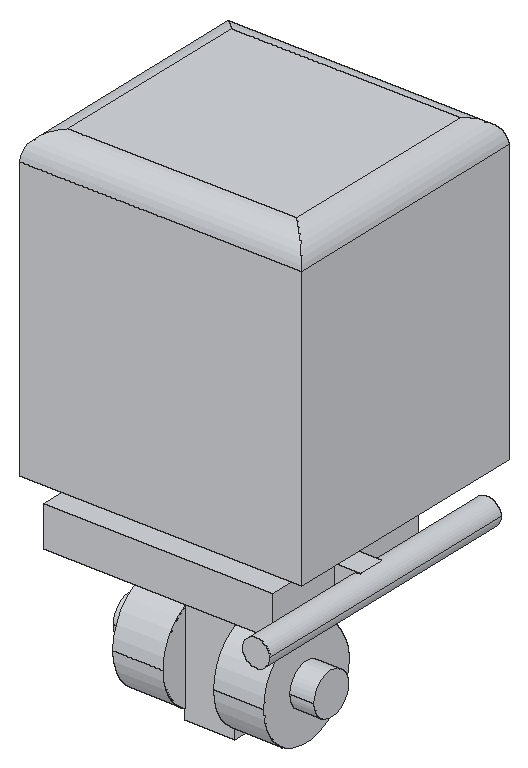
Revit family "cb0e2f74d92447659734e647b1649e23", category Pipe Accessories, Revit 2021
Family settings
  Round Connector Dimension = Use Radius
  Part Type = Valve - Breaks Into
  OmniClass Number = 23.65.55.14.17
  OmniClass Title = Adjusting/Controlling Valves for Liquid Services
  Seek Item ID = Motor Control Valve - 0.5-2 Inch-0000-USA-ENU
  Work Plane-Based = No
  Always vertical = Yes
  Cut with Voids When Loaded = No
  Shared = No
Parameters (values of type "1/2"")
  Valve Material = none
  Valve Length = 0' - 3 189/256"
  Valve Height = 0' - 9 19/256"
  Text Width = 0' - 1"
  Text Height = 0' - 1"
  Outside Radius = Outside Diameter * 0.5  # 0' - 0.39258"
  Outside Diameter = 201/256"
  Nominal Radius = 1/4"
  Nominal Diameter = Nominal Radius * 2  # 1/2"
  Length 1 = 0.25 * Valve Length  # 0' - 0.93457"
  K Coefficient = 0.33
  Height 3 = Height 1 / 3  # 0' - 0.83333"
  Height 2 = 0.3 * Height 1  # 0' - 0 3/4"
  Height 1 = 0' - 2 1/2"
  Default Elevation = 0' - 0"
  Cement Radius = Cement Diameter * 0.5  # 0' - 0 63/64"
  Cement Diameter = 0' - 1 31/32"
  Body Width = 0' - 0 63/64"
  Axis Height = 0' - 1 11/256"
  Actuator Material = none
Types (7): name | Valve Length | Valve Height | Outside Radius | Outside Diameter | Nominal Radius | Nominal Diameter | Length 1 | K Coefficient | Height 3 | Height 2 | Height 1 | Cement Radius | Cement Diameter | Body Width | Axis Height
  (no name) | 0' - 3 189/256" | 0' - 9 19/256" | 0' - 0.39258" | 201/256" | 1/4" | 1/2" | 0' - 0.93457" | 0.33 | 0' - 0.83333" | 0' - 0 3/4" | 0' - 2 1/2" | 0' - 0 63/64" | 0' - 1 31/32" | 0' - 0 63/64" | 0' - 1 11/256"
  1/2" | 0' - 3 189/256" | 0' - 9 19/256" | 0' - 0.39258" | 201/256" | 1/4" | 1/2" | 0' - 0.93457" | 0.33 | 0' - 0.83333" | 0' - 0 3/4" | 0' - 2 1/2" | 0' - 0 63/64" | 0' - 1 31/32" | 0' - 0 63/64" | 0' - 1 11/256"
  3/4" | 0' - 4 85/256" | 0' - 9 55/128" | 0' - 0 63/128" | 63/64" | 3/8" | 3/4" | 0' - 1.08301" | 0.47 | 0' - 0.95182" | 0' - 0.85664" | 0' - 2 219/256" | 0' - 1 9/64" | 0' - 2 9/32" | 0' - 0 63/64" | 0' - 1 23/128"
  1" | 0' - 4 217/256" | 0' - 9 55/128" | 0' - 0.63086" | 1 67/256" | 1/2" | 1" | 0' - 1.21191" | 0.37 | 0' - 0.95182" | 0' - 0.85664" | 0' - 2 219/256" | 0' - 1.33789" | 0' - 2 173/256" | 0' - 0 63/64" | 0' - 1 51/128"
  1 1/4" | 0' - 5 191/256" | 0' - 9 111/128" | 0' - 0.78711" | 1 147/256" | 5/8" | 1 1/4" | 0' - 1.43652" | 0.44 | 0' - 1.09635" | 0' - 0.98672" | 0' - 3 37/128" | 0' - 1.6543" | 0' - 3 79/256" | 0' - 1 99/128" | 0' - 1 187/256"
  1 1/2" | 0' - 6 23/128" | 0' - 9 111/128" | 0' - 0 63/64" | 1 31/32" | 3/4" | 1 1/2" | 0' - 1.54492" | 0.36 | 0' - 1.09635" | 0' - 0.98672" | 0' - 3 37/128" | 0' - 1 233/256" | 0' - 3 105/128" | 0' - 1 99/128" | 0' - 1 253/256"
  2" | 0' - 7 13/64" | 0' - 10 191/256" | 0' - 1.24023" | 2 123/256" | 1" | 2" | 0' - 1 205/256" | 0.3 | 0' - 1.39714" | 0' - 1.25742" | 0' - 4 49/256" | 0' - 2 113/256" | 0' - 4 113/128" | 0' - 1 99/128" | 0' - 2 133/256"
Reference planes (in)
  plane 1 "Center (Front/Back)": y = 0
  plane 2: z = 0
  plane 3 "Center (Left/Right)": x = 0
  plane 4: x = -0.46729
  plane 5: x = 0.46729
  plane 6: x = -1.40186
  plane 7: x = 1.40186
  plane 8: x = -1.86914
  plane 9: x = 1.86914
  plane 10: z = -1.04297
  plane 11: z = 2.5
  plane 12: y = 0.49219
  plane 13: y = -0.49219
  plane 14: z = 1.75
  plane 15: x = -2.125
  plane 16: x = 2.125
  plane 17: y = -1.6875
  plane 18: y = 1.6875
  plane 19: z = 3.33333
  plane 20: z = 9.07422
  plane 21: x = -2
  plane 22: x = 3.25
  plane 23: y = 2.40625
  plane 24: y = -2.40625
  plane 25: x = 2.625
  plane 26: z = 2.125
  plane 27: y = 2.6875
  plane 28: y = -2.6875
Forms (in)
  Sweep 1, solid, material <- "Valve Material", detail levels fine
    path origin (0, 0, 0) x (1, 0, 0) y (0, 1, 0)
      loop
        line (-1.86914, 0) -> (-1.40186, 0)
    profile origin (-1.6355, 0, 0) x (0, 1, 0) y (0, 0, 1)
      loop
        circle (0, 0) r 0.39258
  Sweep 2, solid, material <- "Valve Material", detail levels fine
    path origin (0, 0, 0) x (1, 0, 0) y (0, 1, 0)
      loop
        line (-1.40186, 0) -> (-0.46729, 0)
    profile origin (-0.93457, 0, 0) x (0, 1, 0) y (0, 0, 1)
      loop
        circle (0, 0) r 0.98438
  Sweep 3, solid, material <- "Valve Material", detail levels fine
    path origin (0, 0, 0) x (1, 0, 0) y (0, 1, 0)
      loop
        line (-0.46729, 0) -> (0.46729, 0)
    profile origin (0, 0, 0) x (0, 1, 0) y (0, 0, 1)
      loop
        circle (0, 0) r 0.39258
  Sweep 4, solid, material <- "Valve Material", detail levels fine
    path origin (0, 0, 0) x (1, 0, 0) y (0, 1, 0)
      loop
        line (0.46729, 0) -> (1.40186, 0)
    profile origin (0.93457, 0, 0) x (0, 1, 0) y (0, 0, 1)
      loop
        circle (0, 0) r 0.98438
  Sweep 5, solid, material <- "Valve Material", detail levels fine
    path origin (0, 0, 0) x (1, 0, 0) y (0, 1, 0)
      loop
        line (1.40186, 0) -> (1.86914, 0)
    profile origin (1.6355, 0, 0) x (0, 1, 0) y (0, 0, 1)
      loop
        circle (0, 0) r 0.39258
  Extrusion 6, solid, material <- "Valve Material", detail levels fine
    sketch origin (0, 0, 0) x (1, 0, 0) y (0, 1, 0)
      loop
        line (-0.46729, 0.49219) -> (-0.46729, -0.49219) -> (0.46729, -0.49219) -> (0.46729, 0.49219) -> (-0.46729, 0.49219)
    from -1.04297 to 2.5
  Extrusion 7, solid, material <- "Valve Material", detail levels fine
    sketch origin (0, 0, 0) x (1, 0, 0) y (0, 0, 1)
      loop
        line (-2.125, 2.5) -> (-2.125, 1.75) -> (2.125, 1.75) -> (2.125, 2.5) -> (-2.125, 2.5)
    from -1.6875 to 1.6875
  Sweep 8, solid, material <- "Actuator Material", detail levels fine
    path origin (0, 0, 0) x (1, 0, 0) y (0, 1, 0)
      loop
        line (-2, 2.40625) -> (-2, -2.40625) -> (3.25, -2.40625) -> (3.25, 2.40625) -> (-2, 2.40625)
    profile origin (0.625, 2.40625, 0) x (0, 1, 0) y (0, 0, 1)
      loop
        line (-1.51953, 3.33333) -> (0, 3.33333) -> (0, 8.57422)
        arc (0, 8.57422) -> (-0.14645, 8.92777) -> (-0.5, 9.07422) r 0.5
        line (-0.5, 9.07422) -> (-1.51953, 9.07422) -> (-1.51953, 3.33333)
  Extrusion 9, solid, material <- "Actuator Material", detail levels fine
    sketch origin (0, 0, 0) x (1, 0, 0) y (0, 1, 0)
      loop
        line (-0.48047, 0.88672) -> (-0.48047, -0.88672) -> (1.73047, -0.88672) -> (1.73047, 0.88672) -> (-0.48047, 0.88672)
    from 3.33333 to 9.07422
  Blend 10, solid, material <- "Actuator Material", detail levels fine
    base sketch origin (0, 0, 0) x (1, 0, 0) y (0, 1, 0)
      loop
        line (-0.46729, 0.49219) -> (-0.46729, -0.49219) -> (0.46729, -0.49219) -> (0.46729, 0.49219) -> (-0.46729, 0.49219)
    top sketch origin (0, 0, 0) x (1, 0, 0) y (0, 1, 0)
      loop
        line (-2, 2.40625) -> (-2, -2.40625) -> (3.25, -2.40625) -> (3.25, 2.40625) -> (-2, 2.40625)
    from 2.5 to 3.33333
  Extrusion 11, solid, material <- "Valve Material", detail levels fine
    sketch origin (0, 0, 0) x (1, 0, 0) y (0, 1, 0)
      loop
        line (2.125, 0.25) -> (2.125, -0.25) -> (2.625, -0.25) -> (2.625, 0.25) -> (2.125, 0.25)
    from 1.875 to 2.375
  Sweep 12, solid, material <- "Valve Material", detail levels fine
    path origin (0, 0, 0) x (1, 0, 0) y (0, 1, 0)
      loop
        line (2.625, 2.6875) -> (2.625, -2.6875)
    profile origin (2.625, 0, 0) x (1, 0, 0) y (0, 0, 1)
      loop
        circle (0, 2.125) r 0.25
Cuts and joins
  joined: Sweep 1, Sweep 2, Sweep 4, Sweep 5, Extrusion 6, Extrusion 7, Extrusion 11, Sweep 12
  joined: Sweep 8, Extrusion 9, Blend 10
Lines and regions (in)
  model lines, detail levels coarse+medium
    curve 1: line (-1.86914, 1.07915, 0) -> (-1.86914, -1.07915, 0)
    curve 2: line (1.86914, 1.07915, 0) -> (1.86914, -1.07915, 0)
    curve 3: line (0, 0, 0) -> (0, 2.34535, 0)
    curve 4: circle (0, 3.34535, 0) r 1 normal (0, 0, 1)
    curve 5: line (0, 0, 0) -> (-1.86914, 1.07915, 0)
    curve 6: line (0, 0, 0) -> (-1.86914, -1.07915, 0)
    curve 7: line (0, 0, 0) -> (1.86914, 1.07915, 0)
    curve 8: line (0, 0, 0) -> (1.86914, -1.07915, 0)
Dimensions and locks (in)
  equal spacing: plane 4, plane 3 "Center (Left/Right)", plane 5
  equal spacing: plane 8, plane 3 "Center (Left/Right)", plane 9
  "Length 1": plane 4 to plane 5
  "Length 1": plane 6 to plane 4
  "Length 1": plane 5 to plane 7
  "Valve Length": plane 8 to plane 9
  "Axis Height": plane 2 to plane 10
  "Height 1": plane 11 to plane 2
  equal spacing: plane 12, plane 1 "Center (Front/Back)", plane 13
  "Body Width": plane 12 to plane 13
  "Height 2": plane 11 to plane 14
  equal spacing: plane 16, plane 3 "Center (Left/Right)", plane 15
  locked: plane 16 to plane 15 at 4.25
  equal spacing: plane 17, plane 1 "Center (Front/Back)", plane 18
  locked: plane 17 to plane 18 at 3.375
  "Height 3": plane 19 to plane 11
  "Valve Height": plane 20 to plane 2
  locked: plane 3 "Center (Left/Right)" to plane 21 at 2
  locked: plane 22 to plane 3 "Center (Left/Right)" at 3.25
  locked: plane 23 to plane 1 "Center (Front/Back)" at 2.40625
  locked: plane 24 to plane 1 "Center (Front/Back)" at 2.40625
  locked: plane 16 to plane 25 at 0.5
  locked: plane 1 "Center (Front/Back)" to Extrusion 11 sketch curve at 0.25  (x2)
  equal spacing: plane 11, plane 26, plane 14
  locked: plane 26 to Extrusion 11 at 0.25
  locked: Extrusion 11 to plane 26 at 0.25
  equal spacing: plane 27, plane 1 "Center (Front/Back)", plane 28
  locked: plane 27 to plane 1 "Center (Front/Back)" at 2.6875
  locked: connector elem to plane 22 at 2.625
  locked: connector elem to plane 23 at 2.40625
  "Outside Radius": radius of Sweep 1 sketch curve
  "Cement Radius": radius of Sweep 2 sketch curve
  "Outside Radius": radius of Sweep 3 sketch curve
  "Cement Radius": radius of Sweep 4 sketch curve
  "Outside Radius": radius of Sweep 5 sketch curve
  locked: curve 5 to plane 1 "Center (Front/Back)" (angle 30.00°)
  locked: plane 1 "Center (Front/Back)" to curve 6 (angle 30.00°)
  angle curve 8 to plane 1 "Center (Front/Back)" to curve 7 = 30.00° locked, 30.00°
  aligned and locked: plane 8 to Sweep 1 sketch curve
  aligned and locked: plane 6 to Sweep 1 sketch curve
  aligned and locked: plane 1 "Center (Front/Back)" to Sweep 1 sketch curve  (x2)
  aligned and locked: level to Sweep 1 sketch curve
  aligned and locked: plane 4 to Sweep 2 sketch curve
  aligned and locked: plane 6 to Sweep 2 sketch curve
  aligned and locked: plane 1 "Center (Front/Back)" to Sweep 2 sketch curve  (x2)
  aligned and locked: plane 2 to Sweep 2 sketch curve
  aligned and locked: plane 4 to Sweep 3 sketch curve
  aligned and locked: plane 5 to Sweep 3 sketch curve
  aligned and locked: plane 1 "Center (Front/Back)" to Sweep 3 sketch curve  (x2)
  aligned and locked: plane 2 to Sweep 3 sketch curve
  aligned and locked: plane 5 to Sweep 4 sketch curve
  aligned and locked: plane 7 to Sweep 4 sketch curve
  aligned and locked: plane 1 "Center (Front/Back)" to Sweep 4 sketch curve  (x2)
  aligned and locked: level to Sweep 4 sketch curve
  aligned and locked: plane 7 to Sweep 5 sketch curve
  aligned and locked: plane 9 to Sweep 5 sketch curve
  aligned and locked: plane 1 "Center (Front/Back)" to Sweep 5 sketch curve
  aligned and locked: plane 2 to Sweep 5 sketch curve
  aligned and locked: plane 4 to Extrusion 6 sketch curve
  aligned and locked: Extrusion 6 sketch curve to plane 12
  aligned and locked: plane 13 to Extrusion 6 sketch curve
  aligned and locked: Extrusion 6 sketch curve to plane 5
  aligned and locked: Extrusion 6 to plane 10
  aligned and locked: plane 11 to Extrusion 6
  aligned and locked: plane 15 to Extrusion 7 sketch curve
  aligned and locked: Extrusion 7 sketch curve to plane 11
  aligned and locked: plane 14 to Extrusion 7 sketch curve
  aligned and locked: Extrusion 7 sketch curve to plane 16
  aligned and locked: plane 18 to Extrusion 7
  aligned and locked: Extrusion 7 to plane 17
  aligned and locked: Sweep 8 sketch curve to plane 22
  aligned and locked: Sweep 8 sketch curve to plane 23
  aligned and locked: plane 21 to Sweep 8 sketch curve
  aligned and locked: plane 24 to Sweep 8 sketch curve
  aligned and locked: plane 23 to Sweep 8 sketch curve
  aligned and locked: plane 20 to Sweep 8 sketch curve
  aligned and locked: plane 19 to Sweep 8 sketch curve
  aligned and locked: Extrusion 9 sketch curve to Sweep 8  (x3)
  aligned and locked: Sweep 8 to Extrusion 9 sketch curve
  aligned and locked: plane 20 to Extrusion 9
  aligned and locked: Extrusion 9 to plane 19
  aligned and locked: Blend 10 sketch curve to Extrusion 6  (x3)
  aligned and locked: Extrusion 6 to Blend 10 sketch curve
  aligned and locked: Blend 10 to plane 11
  aligned and locked: plane 19 to Blend 10
  aligned and locked: plane 16 to Extrusion 11 sketch curve
  aligned and locked: Extrusion 11 sketch curve to plane 25
  aligned and locked: Sweep 12 sketch curve to plane 25
  aligned and locked: plane 27 to Sweep 12 sketch curve
  aligned and locked: plane 28 to Sweep 12 sketch curve
  aligned and locked: plane 25 to Sweep 12 sketch curve
  aligned and locked: plane 26 to Sweep 12 sketch curve
  aligned and locked: curve 1 to plane 8
  aligned and locked: curve 2 to plane 9
  aligned and locked: plane 3 "Center (Left/Right)" to curve 3
  aligned and locked: plane 1 "Center (Front/Back)" to curve 3
  aligned and locked: nested 1 to curve 4  (x2)
Automatic sketch dimensions
  Sweep 5 sketch curve to plane 1 "Center (Front/Back)" = 0' - 0"
  curve 3 to plane 23 = 0' - 0.0609"
  profile plane to Sweep 8 sketch curve = 0' - 0 1/2"
  profile plane to Sweep 8 sketch curve = 0' - 1 133/256"
  Blend 10 sketch curve to plane 21 = 0' - 0"
  Blend 10 sketch curve to plane 22 = 0' - 0"
  Blend 10 sketch curve to plane 24 = 0' - 0"
  Blend 10 sketch curve to plane 23 = 0' - 0"
  radius of Sweep 12 sketch curve = 0' - 0 1/4"
Nested families (in)
  nested 1: "M" at (0, 3.34535, 0), type "M", detail levels coarse+medium
Connectors (in)
  piping at (-1.86914, 0, 0), diameter 0.5, driven by "Nominal Radius"
    settings: on Sweep 1, index 1, connector inside diameter 1/2", connector length 0' - 0", flow factor 0, pipe flow 0 GPM, pressure drop 0.00 psi, fitting loss kfactor 0, connector angle 0.00°, fixture units 0, engagement length 0' - 0", angle of deflection 0.00°, flow configuration 0, flow direction 0, fitting loss method 2, system type 29, joint type 0, gender type 0, connector reference index 2, connector utility 0, adjustable connector no, is connector primary yes, connector description ""
  piping at (1.86914, 0, 0), diameter 0.5, driven by "Nominal Radius", driven by "K Coefficient"
    settings: on Sweep 5, index 2, connector inside diameter 1/2", connector length 0' - 0", flow factor 0, pipe flow 0 GPM, pressure drop 0.00 psi, fitting loss kfactor 0.33, connector angle 0.00°, fixture units 0, engagement length 0' - 0", angle of deflection 0.00°, flow configuration 0, flow direction 0, fitting loss method 2, system type 29, joint type 0, gender type 0, connector reference index 1, connector utility 0, adjustable connector no, is connector primary no, connector description ""
  electrical at (0.625, 0, 9.07422)
    settings: on Extrusion 9, index 3, voltage 0 V, apparent load 0 VA, apparent load phase1 0 VA, apparent load phase2 0 VA, apparent load phase3 0 VA, power factor 1, load classification "Other", number of poles 1, system type 13, power factor state 1, is connector primary yes, connector utility no, sub classification motor no, connector description ""
Definition of nested family "M"
  Parameters
    Text Width = 1' - 0"
    Text Height = 1' - 0"
    Default Elevation = 0' - 0"
  Reference planes (in)
    plane 1 "Center (Front/Back)": y = 0
    plane 2: z = 0
    plane 3 "Center (Left/Right)": x = 0
    plane 4: y = 6
    plane 5: y = -6
    plane 6: x = -6
    plane 7: x = 6
  Lines and regions (in)
    model lines
      curve 1: line (-6, 6, 0) -> (-6, -6, 0)
      curve 2: line (-6, 6, 0) -> (0, 0, 0)
      curve 3: line (0, 0, 0) -> (6, 6, 0)
      curve 4: line (6, 6, 0) -> (6, -6, 0)
  Dimensions and locks (in)
    equal spacing: plane 6, plane 3 "Center (Left/Right)", plane 7
    equal spacing: plane 4, plane 1 "Center (Front/Back)", plane 5
    "Text Width": plane 6 to plane 7
    "Text Height": plane 4 to plane 5
    aligned and locked: curve 1 to plane 6
    aligned and locked: curve 4 to plane 7
    aligned and locked: plane 4 to curve 2
    aligned and locked: plane 5 to curve 1
    aligned and locked: plane 5 to curve 4
    aligned and locked: plane 4 to curve 4
    aligned and locked: plane 1 "Center (Front/Back)" to curve 3
  Automatic sketch dimensions
    curve 3 to plane 3 "Center (Left/Right)" = 0' - 0"
